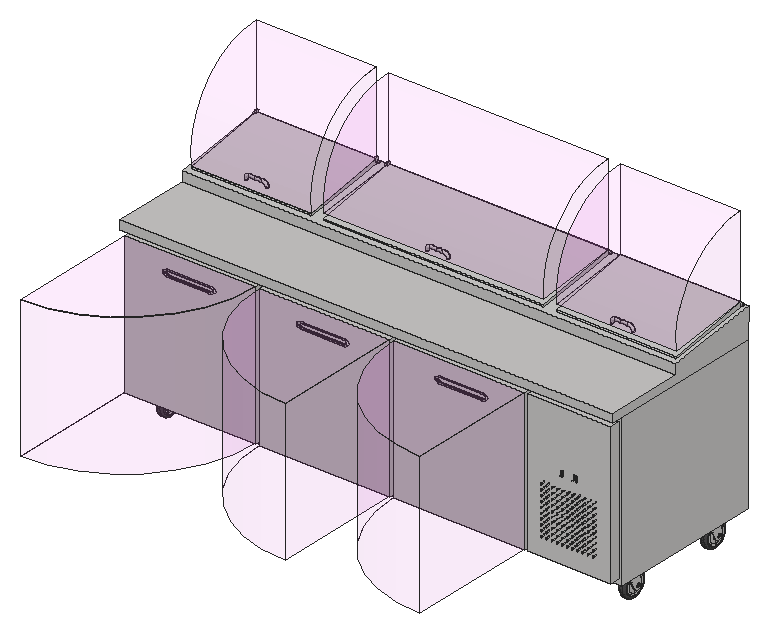
Revit family "QF_Kelvinator_738254_KCHPT92.12", category Specialty Equipment, Revit 2021
Family settings
  Round Connector Dimension = Use Diameter
  Part Type = Normal
  Work Plane-Based = No
  Always vertical = Yes
  Cut with Voids When Loaded = No
  Shared = No
  Room Calculation Point = No
Parameters
  Weight in Pounds = 350.535
  Weight = 210.00 lbm
  Watts = 0 W
  Volts = 115 V
  URL Manufacturer = "KELVINATOR"
  URL Cutsheet = ""
  URL = "KELVINATOR"
  Specification by User = ""
  Specification by Manufacturer = ""
  Serial Number = ""
  Seismic Rating = ""
  SMACNA No = ""
  Revision Code = ""
  Refrigerant Type = "R290"
  Phase = 1
  Number of Poles = 1
  NAFEM Spec ID Number = ""
  Model = "KCHPT92.12"
  Min Ckt Ampacity = 0 A
  Max Overcurrent Protection = 0 A
  Masterspec = ""
  Manufacturer = "Kelvinator"
  Length Actual = 2393"
  Length = 94 3/16"
  Item Number = "738254"
  Installed By = ""
  Identify Quantity as Lot = yes
  Height Actual = 1050"
  Height = 41 5/16"
  HP = "1.2 HP"
  Gas KW = 0
  Furnished By = ""
  Foodservice Equipment Identifier = yes
  FL Amps = 5.5 A
  Electrical Remarks = ""
  Electric Connection Type = ""
  Elec Conn RI Height = 0"
  Elec Conn Connection Height = 0"
  Description = "3-DOOR PIZZA PREP TABLE 94\" LONG 12-1/3 PAN "
  Depth Actual = 820"
  Depth = 32 5/16"
  Default Elevation = 0"
  Cycle = 60 Hz
  Conn Plug = "5-15P"
  Conn Conduit = yes
  CSI MasterFormat = ""
  Apparent Power = 0 VA
  Accessory = no
Reference planes (in)
  plane 1 "BACK": y = 0
  plane 2: z = 0
  plane 3 "LEFT": x = 0
  plane 4 "RIGHT": x = 94.1875
  plane 5 "FRONT": y = -32.3125
  plane 6 "TOP": z = 41.3125
  plane 7 "Center Y": x = 47.09375
  plane 8 "Center X": y = -16.15625
Dimensions and locks (in)
  equal spacing: plane 3 "LEFT", plane 7 "Center Y", plane 4 "RIGHT"
  "Length": plane 3 "LEFT" to plane 4 "RIGHT"
  equal spacing: plane 5 "FRONT", plane 8 "Center X", plane 1 "BACK"
  "Depth": plane 5 "FRONT" to plane 1 "BACK"
  "Height": plane 6 "TOP" to level
  aligned and locked: level to plane 2
Nested families (in)
  nested 1: "KCHPT" at (0, 0, 0), type "KCHPT"
    with Show Clearance yes
Connectors (in)
  electrical at (47.0875, -1.18418, 4.62235), driven by "Volts", driven by "Watts"
    settings: on nested 1, index 1, voltage 115 V, apparent load 0 VA, apparent load phase1 0 VA, apparent load phase2 0 VA, apparent load phase3 0 VA, power factor 1, load classification "Power", number of poles 1, system type 30, power factor state 1, is connector primary yes, connector utility no, sub classification motor no, connector description "Electrical Connection"
Definition of nested family "KCHPT"
  Parameters (values of type "KCHPT")
    Weight in Pounds = 0
    URL Cutsheet = ""
    Specification by User = ""
    Specification by Manufacturer = ""
    Show Clearance [instance] = yes
    Serial Number = ""
    Seismic Rating = ""
    SMACNA No = ""
    Revision Code = ""
    NAFEM Spec ID Number = ""
    Masterspec = ""
    Length = 94 3/16"
    Item Number = ""
    Installed By = ""
    Identify Quantity as Lot = yes
    Height = 41 5/16"
    Furnished By = ""
    Foodservice Equipment Identifier = yes
    Depth = 32 5/16"
    Default Elevation = 0"
    CSI MasterFormat = ""
  Reference planes (in)
    plane 1 "BACK": y = 0
    plane 2: z = 0
    plane 3 "LEFT": x = 0
    plane 4 "RIGHT": x = 94.1875
    plane 5 "FRONT": y = -32.3125
    plane 6 "TOP": z = 41.3125
    plane 7 "Center Y": x = 47.09375
    plane 8 "Center X": y = -16.15625
    plane 9: y = -17.4
    plane 10: z = 34.33333
    plane 11: z = 6.03333
    plane 12: z = 40.23333
    plane 13: z = 35.93333
    plane 14: z = 5.5
    plane 15: z = 33.58333
    plane 16: z = 6.78333
    plane 17: x = 68.09284
    plane 18: x = 70.49466
    plane 19: x = 25.99284
    plane 20: x = 52.60858
  Forms (in)
    Extrusion 1, solid
      sketch origin (0, 0, 0) x (0, 1, 0) y (0, 0, 1)
        loop
          line (0, 34.33333) -> (-30.3125, 34.33333) -> (-30.3125, 5.5) -> (0, 5.5) -> (0, 34.33333)
      from 0 to 94.1875
    Extrusion 2, solid
      sketch origin (0.375, -30.3125, 34.33333) x (0, 0, -1) y (1, 0, 0)
        loop
          line (0.95244, 77.28358) -> (27.85244, 77.28358) -> (27.85244, 93.23553) -> (0.95244, 93.23553) -> (0.95244, 77.28358)
      from 0 to 1.75
    Extrusion 3, solid
      sketch origin (0, 0, 0) x (0, 1, 0) y (0, 0, 1)
        loop
          line (0, 34.33333) -> (0, 40.23333) -> (-17.4, 37.93333) -> (-17.4, 35.93333) -> (-32.3125, 35.93333) -> (-32.3125, 34.33333) -> (0, 34.33333)
      from 0 to 94.1875
    Extrusion 4, solid
      sketch origin (0, 0, 0) x (0, 1, 0) y (0, 0, 1)
        loop
          line (-0.60032, 40.15398) -> (-0.73136, 40.92452) -> (-16.15625, 38.30126) -> (-16.65751, 37.42318) -> (-0.60032, 40.15398)
      from 25.99284 to 68.09284
    Extrusion 5, solid
      sketch origin (68.86933, 0.25217, 0) x (0, 1, 0) y (0, 0, -1)
        loop
          line (-0.97921, -40.89176) -> (-0.71073, -40.15398) -> (-1.09601, -40.08846) -> (-1.22705, -40.859)
          arc (-1.22705, -40.859) -> (-1.21835, -41.08643) -> (-1.19211, -41.3125) r 2.94324
          line (-1.19211, -41.3125) -> (-1.13256, -41.20935) -> (-0.8358, -41.24579) -> (-0.73405, -41.14405) -> (-0.8734, -41.06121) -> (-0.90687, -41.05224)
          arc (-0.90687, -41.05224) -> (-0.93228, -41.03757) -> (-0.94695, -41.01216) r 0.05668
          line (-0.94695, -41.01216) -> (-0.97921, -40.89176)
      from 0.63594 to 0.91702
    Revolve 6, solid
      sketch origin (22.03906, -0.77601, 40.03126) x (0, 0, -1) y (1, 0, 0)
        loop
          line (-0.55563, 46.1944) -> (-0.55563, 46.56896) -> (-0.70726, 46.56896) -> (-0.70726, 46.53329) -> (-0.7578, 46.53329) -> (-0.7578, 46.1944) -> (-0.55563, 46.1944)
        axis (-0.55563, 46.1944) -> (-0.55563, 46.56896)
      angle from 0 to 360
    Sweep 7, solid
      path origin (11.60551, -16.94992, 54.53737) x (0, 0.113722, -0.993513) y (1, 0, 0)
        loop
          line (15.52754, 33.4) -> (15.34004, 33.4)
          arc (15.34004, 33.4) -> (14.80971, 33.61967) -> (14.59004, 34.15) r 0.75
          line (14.59004, 34.15) -> (14.59004, 35.4) -> (14.59004, 36.65)
          arc (14.59004, 36.65) -> (14.80971, 37.18033) -> (15.34004, 37.4) r 0.75
          line (15.34004, 37.4) -> (15.52754, 37.4)
      profile origin (47.63051, -15.29071, 40.04198) x (0, -0.113722, 0.993513) y (0, -0.993513, -0.113722)
        loop
          circle (0, 0) r 0.25
    Extrusion 8, solid
      sketch origin (13.68617, -32, 12.93481) x (-1, 0, 0) y (0, 0, 1)
        loop
          line (-70.17533, 9.70772) -> (-73.32493, 9.70772) -> (-73.32493, 8.52662) -> (-70.17533, 8.52662) -> (-70.17533, 9.70772)
        loop
          line (-70.25407, 9.63107) -> (-70.64777, 9.63107) -> (-70.64777, 9.31193) -> (-70.25407, 9.31193) -> (-70.25407, 9.63107)
        loop
          line (-70.25407, 9.27674) -> (-70.64777, 9.27674) -> (-70.64777, 8.9576) -> (-70.25407, 8.9576) -> (-70.25407, 9.27674)
        loop
          line (-70.25407, 8.92241) -> (-70.64777, 8.92241) -> (-70.64777, 8.60327) -> (-70.25407, 8.60327) -> (-70.25407, 8.92241)
        loop
          line (-73.24619, 9.63107) -> (-73.24619, 9.31193) -> (-72.85249, 9.31193) -> (-72.85249, 9.63107) -> (-73.24619, 9.63107)
        loop
          line (-73.24619, 9.27674) -> (-73.24619, 8.9576) -> (-72.85249, 8.9576) -> (-72.85249, 9.27674) -> (-73.24619, 9.27674)
        loop
          line (-73.24619, 8.92241) -> (-73.24619, 8.60327) -> (-72.85249, 8.60327) -> (-72.85249, 8.92241) -> (-73.24619, 8.92241)
        loop
          line (-70.72525, 9.63107) -> (-72.77501, 9.63107) -> (-72.77501, 8.60716) -> (-70.72525, 8.60716) -> (-70.72525, 9.63107)
      from 0.07874 to -0.04602
    Extrusion 9, solid
      sketch origin (13.68617, -32.04602, 12.93481) x (1, 0, 0) y (0, 0, 1)
        loop
          line (72.85249, 9.63107) -> (72.85249, 9.31193) -> (73.24619, 9.31193) -> (73.24619, 9.63107) -> (72.85249, 9.63107)
        loop
          line (72.85249, 9.27674) -> (72.85249, 8.9576) -> (73.24619, 8.9576) -> (73.24619, 9.27674) -> (72.85249, 9.27674)
        loop
          line (72.85249, 8.92241) -> (72.85249, 8.60327) -> (73.24619, 8.60327) -> (73.24619, 8.92241) -> (72.85249, 8.92241)
        loop
          line (70.64777, 9.63107) -> (70.25407, 9.63107) -> (70.25407, 9.31193) -> (70.64777, 9.31193) -> (70.64777, 9.63107)
        loop
          line (70.64777, 9.27674) -> (70.25407, 9.27674) -> (70.25407, 8.9576) -> (70.64777, 8.9576) -> (70.64777, 9.27674)
        loop
          line (70.64777, 8.92241) -> (70.25407, 8.92241) -> (70.25407, 8.60327) -> (70.64777, 8.60327) -> (70.64777, 8.92241)
      from 0 to -0.07874
    Extrusion 10, solid
      sketch origin (13.68617, -32.04602, 12.93481) x (1, 0, 0) y (0, 0, 1)
        loop
          line (70.72525, 9.63107) -> (70.72525, 8.60716) -> (72.77501, 8.60716) -> (72.77501, 9.63107) -> (70.72525, 9.63107)
      from 0 to -0.07874
    Extrusion 11, void
      sketch origin (13.68617, -32, 12.93481) x (-1, 0, 0) y (0, 0, 1)
        loop
          line (-70.17533, 9.70772) -> (-73.32493, 9.70772) -> (-73.32493, 8.52662) -> (-70.17533, 8.52662) -> (-70.17533, 9.70772)
      from 0 to 0.07874
    Extrusion 12, void
      sketch origin (0.375, -32.0625, 34.33333) x (0, 0, 1) y (1, 0, 0)
        loop
          line (-24.3519, 79.86074) -> (-23.82157, 80.39107)
          arc (-23.82157, 80.39107) -> (-23.82157, 80.59909) -> (-24.02959, 80.59909) r 0.1471
          line (-24.02959, 80.59909) -> (-24.55992, 80.06876)
          arc (-24.55992, 80.06876) -> (-24.55992, 79.86074) -> (-24.3519, 79.86074) r 0.1471
        loop
          line (-24.3519, 80.86074) -> (-23.82157, 81.39107)
          arc (-23.82157, 81.39107) -> (-23.82157, 81.59909) -> (-24.02959, 81.59909) r 0.1471
          line (-24.02959, 81.59909) -> (-24.55992, 81.06876)
          arc (-24.55992, 81.06876) -> (-24.55992, 80.86074) -> (-24.3519, 80.86074) r 0.1471
        loop
          line (-24.3519, 81.86074) -> (-23.82157, 82.39107)
          arc (-23.82157, 82.39107) -> (-23.82157, 82.59909) -> (-24.02959, 82.59909) r 0.1471
          line (-24.02959, 82.59909) -> (-24.55992, 82.06876)
          arc (-24.55992, 82.06876) -> (-24.55992, 81.86074) -> (-24.3519, 81.86074) r 0.1471
        loop
          line (-24.3519, 82.82949) -> (-23.82157, 83.35982)
          arc (-23.82157, 83.35982) -> (-23.82157, 83.56784) -> (-24.02959, 83.56784) r 0.1471
          line (-24.02959, 83.56784) -> (-24.55992, 83.03751)
          arc (-24.55992, 83.03751) -> (-24.55992, 82.82949) -> (-24.3519, 82.82949) r 0.1471
        loop
          line (-24.3519, 83.79824) -> (-23.82157, 84.32857)
          arc (-23.82157, 84.32857) -> (-23.82157, 84.53659) -> (-24.02959, 84.53659) r 0.1471
          line (-24.02959, 84.53659) -> (-24.55992, 84.00626)
          arc (-24.55992, 84.00626) -> (-24.55992, 83.79824) -> (-24.3519, 83.79824) r 0.1471
        loop
          line (-24.3519, 84.79824) -> (-23.82157, 85.32857)
          arc (-23.82157, 85.32857) -> (-23.82157, 85.53659) -> (-24.02959, 85.53659) r 0.1471
          line (-24.02959, 85.53659) -> (-24.55992, 85.00626)
          arc (-24.55992, 85.00626) -> (-24.55992, 84.79824) -> (-24.3519, 84.79824) r 0.1471
        loop
          line (-24.3519, 85.79824) -> (-23.82157, 86.32857)
          arc (-23.82157, 86.32857) -> (-23.82157, 86.53659) -> (-24.02959, 86.53659) r 0.1471
          line (-24.02959, 86.53659) -> (-24.55992, 86.00626)
          arc (-24.55992, 86.00626) -> (-24.55992, 85.79824) -> (-24.3519, 85.79824) r 0.1471
        loop
          line (-24.3519, 86.76699) -> (-23.82157, 87.29732)
          arc (-23.82157, 87.29732) -> (-23.82157, 87.50534) -> (-24.02959, 87.50534) r 0.1471
          line (-24.02959, 87.50534) -> (-24.55992, 86.97501)
          arc (-24.55992, 86.97501) -> (-24.55992, 86.76699) -> (-24.3519, 86.76699) r 0.1471
        loop
          line (-24.3519, 87.76699) -> (-23.82157, 88.29732)
          arc (-23.82157, 88.29732) -> (-23.82157, 88.50534) -> (-24.02959, 88.50534) r 0.1471
          line (-24.02959, 88.50534) -> (-24.55992, 87.97501)
          arc (-24.55992, 87.97501) -> (-24.55992, 87.76699) -> (-24.3519, 87.76699) r 0.1471
        loop
          line (-24.3519, 88.76699) -> (-23.82157, 89.29732)
          arc (-23.82157, 89.29732) -> (-23.82157, 89.50534) -> (-24.02959, 89.50534) r 0.1471
          line (-24.02959, 89.50534) -> (-24.55992, 88.97501)
          arc (-24.55992, 88.97501) -> (-24.55992, 88.76699) -> (-24.3519, 88.76699) r 0.1471
        loop
          line (-24.3519, 89.76699) -> (-23.82157, 90.29732)
          arc (-23.82157, 90.29732) -> (-23.82157, 90.50534) -> (-24.02959, 90.50534) r 0.1471
          line (-24.02959, 90.50534) -> (-24.55992, 89.97501)
          arc (-24.55992, 89.97501) -> (-24.55992, 89.76699) -> (-24.3519, 89.76699) r 0.1471
        loop
          line (-23.3519, 79.86074) -> (-22.82157, 80.39107)
          arc (-22.82157, 80.39107) -> (-22.82157, 80.59909) -> (-23.02959, 80.59909) r 0.1471
          line (-23.02959, 80.59909) -> (-23.55992, 80.06876)
          arc (-23.55992, 80.06876) -> (-23.55992, 79.86074) -> (-23.3519, 79.86074) r 0.1471
        loop
          line (-23.3519, 80.86074) -> (-22.82157, 81.39107)
          arc (-22.82157, 81.39107) -> (-22.82157, 81.59909) -> (-23.02959, 81.59909) r 0.1471
          line (-23.02959, 81.59909) -> (-23.55992, 81.06876)
          arc (-23.55992, 81.06876) -> (-23.55992, 80.86074) -> (-23.3519, 80.86074) r 0.1471
        loop
          line (-23.3519, 81.86074) -> (-22.82157, 82.39107)
          arc (-22.82157, 82.39107) -> (-22.82157, 82.59909) -> (-23.02959, 82.59909) r 0.1471
          line (-23.02959, 82.59909) -> (-23.55992, 82.06876)
          arc (-23.55992, 82.06876) -> (-23.55992, 81.86074) -> (-23.3519, 81.86074) r 0.1471
        loop
          line (-23.3519, 82.82949) -> (-22.82157, 83.35982)
          arc (-22.82157, 83.35982) -> (-22.82157, 83.56784) -> (-23.02959, 83.56784) r 0.1471
          line (-23.02959, 83.56784) -> (-23.55992, 83.03751)
          arc (-23.55992, 83.03751) -> (-23.55992, 82.82949) -> (-23.3519, 82.82949) r 0.1471
        loop
          line (-23.3519, 83.79824) -> (-22.82157, 84.32857)
          arc (-22.82157, 84.32857) -> (-22.82157, 84.53659) -> (-23.02959, 84.53659) r 0.1471
          line (-23.02959, 84.53659) -> (-23.55992, 84.00626)
          arc (-23.55992, 84.00626) -> (-23.55992, 83.79824) -> (-23.3519, 83.79824) r 0.1471
        loop
          line (-23.3519, 84.79824) -> (-22.82157, 85.32857)
          arc (-22.82157, 85.32857) -> (-22.82157, 85.53659) -> (-23.02959, 85.53659) r 0.1471
          line (-23.02959, 85.53659) -> (-23.55992, 85.00626)
          arc (-23.55992, 85.00626) -> (-23.55992, 84.79824) -> (-23.3519, 84.79824) r 0.1471
        loop
          line (-23.3519, 85.79824) -> (-22.82157, 86.32857)
          arc (-22.82157, 86.32857) -> (-22.82157, 86.53659) -> (-23.02959, 86.53659) r 0.1471
          line (-23.02959, 86.53659) -> (-23.55992, 86.00626)
          arc (-23.55992, 86.00626) -> (-23.55992, 85.79824) -> (-23.3519, 85.79824) r 0.1471
        loop
          line (-23.3519, 86.76699) -> (-22.82157, 87.29732)
          arc (-22.82157, 87.29732) -> (-22.82157, 87.50534) -> (-23.02959, 87.50534) r 0.1471
          line (-23.02959, 87.50534) -> (-23.55992, 86.97501)
          arc (-23.55992, 86.97501) -> (-23.55992, 86.76699) -> (-23.3519, 86.76699) r 0.1471
        loop
          line (-23.3519, 87.76699) -> (-22.82157, 88.29732)
          arc (-22.82157, 88.29732) -> (-22.82157, 88.50534) -> (-23.02959, 88.50534) r 0.1471
          line (-23.02959, 88.50534) -> (-23.55992, 87.97501)
          arc (-23.55992, 87.97501) -> (-23.55992, 87.76699) -> (-23.3519, 87.76699) r 0.1471
        loop
          line (-23.3519, 88.76699) -> (-22.82157, 89.29732)
          arc (-22.82157, 89.29732) -> (-22.82157, 89.50534) -> (-23.02959, 89.50534) r 0.1471
          line (-23.02959, 89.50534) -> (-23.55992, 88.97501)
          arc (-23.55992, 88.97501) -> (-23.55992, 88.76699) -> (-23.3519, 88.76699) r 0.1471
        loop
          line (-23.3519, 89.76699) -> (-22.82157, 90.29732)
          arc (-22.82157, 90.29732) -> (-22.82157, 90.50534) -> (-23.02959, 90.50534) r 0.1471
          line (-23.02959, 90.50534) -> (-23.55992, 89.97501)
          arc (-23.55992, 89.97501) -> (-23.55992, 89.76699) -> (-23.3519, 89.76699) r 0.1471
        loop
          line (-22.3519, 79.86074) -> (-21.82157, 80.39107)
          arc (-21.82157, 80.39107) -> (-21.82157, 80.59909) -> (-22.02959, 80.59909) r 0.1471
          line (-22.02959, 80.59909) -> (-22.55992, 80.06876)
          arc (-22.55992, 80.06876) -> (-22.55992, 79.86074) -> (-22.3519, 79.86074) r 0.1471
        loop
          line (-22.3519, 80.86074) -> (-21.82157, 81.39107)
          arc (-21.82157, 81.39107) -> (-21.82157, 81.59909) -> (-22.02959, 81.59909) r 0.1471
          line (-22.02959, 81.59909) -> (-22.55992, 81.06876)
          arc (-22.55992, 81.06876) -> (-22.55992, 80.86074) -> (-22.3519, 80.86074) r 0.1471
        loop
          line (-22.3519, 81.86074) -> (-21.82157, 82.39107)
          arc (-21.82157, 82.39107) -> (-21.82157, 82.59909) -> (-22.02959, 82.59909) r 0.1471
          line (-22.02959, 82.59909) -> (-22.55992, 82.06876)
          arc (-22.55992, 82.06876) -> (-22.55992, 81.86074) -> (-22.3519, 81.86074) r 0.1471
        loop
          line (-22.3519, 82.82949) -> (-21.82157, 83.35982)
          arc (-21.82157, 83.35982) -> (-21.82157, 83.56784) -> (-22.02959, 83.56784) r 0.1471
          line (-22.02959, 83.56784) -> (-22.55992, 83.03751)
          arc (-22.55992, 83.03751) -> (-22.55992, 82.82949) -> (-22.3519, 82.82949) r 0.1471
        loop
          line (-22.3519, 83.79824) -> (-21.82157, 84.32857)
          arc (-21.82157, 84.32857) -> (-21.82157, 84.53659) -> (-22.02959, 84.53659) r 0.1471
          line (-22.02959, 84.53659) -> (-22.55992, 84.00626)
          arc (-22.55992, 84.00626) -> (-22.55992, 83.79824) -> (-22.3519, 83.79824) r 0.1471
        loop
          line (-22.3519, 84.79824) -> (-21.82157, 85.32857)
          arc (-21.82157, 85.32857) -> (-21.82157, 85.53659) -> (-22.02959, 85.53659) r 0.1471
          line (-22.02959, 85.53659) -> (-22.55992, 85.00626)
          arc (-22.55992, 85.00626) -> (-22.55992, 84.79824) -> (-22.3519, 84.79824) r 0.1471
        loop
          line (-22.3519, 85.79824) -> (-21.82157, 86.32857)
          arc (-21.82157, 86.32857) -> (-21.82157, 86.53659) -> (-22.02959, 86.53659) r 0.1471
          line (-22.02959, 86.53659) -> (-22.55992, 86.00626)
          arc (-22.55992, 86.00626) -> (-22.55992, 85.79824) -> (-22.3519, 85.79824) r 0.1471
        loop
          line (-22.3519, 86.76699) -> (-21.82157, 87.29732)
          arc (-21.82157, 87.29732) -> (-21.82157, 87.50534) -> (-22.02959, 87.50534) r 0.1471
          line (-22.02959, 87.50534) -> (-22.55992, 86.97501)
          arc (-22.55992, 86.97501) -> (-22.55992, 86.76699) -> (-22.3519, 86.76699) r 0.1471
        loop
          line (-22.3519, 87.76699) -> (-21.82157, 88.29732)
          arc (-21.82157, 88.29732) -> (-21.82157, 88.50534) -> (-22.02959, 88.50534) r 0.1471
          line (-22.02959, 88.50534) -> (-22.55992, 87.97501)
          arc (-22.55992, 87.97501) -> (-22.55992, 87.76699) -> (-22.3519, 87.76699) r 0.1471
        loop
          line (-22.3519, 88.76699) -> (-21.82157, 89.29732)
          arc (-21.82157, 89.29732) -> (-21.82157, 89.50534) -> (-22.02959, 89.50534) r 0.1471
          line (-22.02959, 89.50534) -> (-22.55992, 88.97501)
          arc (-22.55992, 88.97501) -> (-22.55992, 88.76699) -> (-22.3519, 88.76699) r 0.1471
        loop
          line (-22.3519, 89.76699) -> (-21.82157, 90.29732)
          arc (-21.82157, 90.29732) -> (-21.82157, 90.50534) -> (-22.02959, 90.50534) r 0.1471
          line (-22.02959, 90.50534) -> (-22.55992, 89.97501)
          arc (-22.55992, 89.97501) -> (-22.55992, 89.76699) -> (-22.3519, 89.76699) r 0.1471
        loop
          line (-21.3519, 79.86074) -> (-20.82157, 80.39107)
          arc (-20.82157, 80.39107) -> (-20.82157, 80.59909) -> (-21.02959, 80.59909) r 0.1471
          line (-21.02959, 80.59909) -> (-21.55992, 80.06876)
          arc (-21.55992, 80.06876) -> (-21.55992, 79.86074) -> (-21.3519, 79.86074) r 0.1471
        loop
          line (-21.3519, 80.86074) -> (-20.82157, 81.39107)
          arc (-20.82157, 81.39107) -> (-20.82157, 81.59909) -> (-21.02959, 81.59909) r 0.1471
          line (-21.02959, 81.59909) -> (-21.55992, 81.06876)
          arc (-21.55992, 81.06876) -> (-21.55992, 80.86074) -> (-21.3519, 80.86074) r 0.1471
        loop
          line (-21.3519, 81.86074) -> (-20.82157, 82.39107)
          arc (-20.82157, 82.39107) -> (-20.82157, 82.59909) -> (-21.02959, 82.59909) r 0.1471
          line (-21.02959, 82.59909) -> (-21.55992, 82.06876)
          arc (-21.55992, 82.06876) -> (-21.55992, 81.86074) -> (-21.3519, 81.86074) r 0.1471
        loop
          line (-21.3519, 82.82949) -> (-20.82157, 83.35982)
          arc (-20.82157, 83.35982) -> (-20.82157, 83.56784) -> (-21.02959, 83.56784) r 0.1471
          line (-21.02959, 83.56784) -> (-21.55992, 83.03751)
          arc (-21.55992, 83.03751) -> (-21.55992, 82.82949) -> (-21.3519, 82.82949) r 0.1471
        loop
          line (-21.3519, 83.79824) -> (-20.82157, 84.32857)
          arc (-20.82157, 84.32857) -> (-20.82157, 84.53659) -> (-21.02959, 84.53659) r 0.1471
          line (-21.02959, 84.53659) -> (-21.55992, 84.00626)
          arc (-21.55992, 84.00626) -> (-21.55992, 83.79824) -> (-21.3519, 83.79824) r 0.1471
        loop
          line (-21.3519, 84.79824) -> (-20.82157, 85.32857)
          arc (-20.82157, 85.32857) -> (-20.82157, 85.53659) -> (-21.02959, 85.53659) r 0.1471
          line (-21.02959, 85.53659) -> (-21.55992, 85.00626)
          arc (-21.55992, 85.00626) -> (-21.55992, 84.79824) -> (-21.3519, 84.79824) r 0.1471
        loop
          line (-21.3519, 85.79824) -> (-20.82157, 86.32857)
          arc (-20.82157, 86.32857) -> (-20.82157, 86.53659) -> (-21.02959, 86.53659) r 0.1471
          line (-21.02959, 86.53659) -> (-21.55992, 86.00626)
          arc (-21.55992, 86.00626) -> (-21.55992, 85.79824) -> (-21.3519, 85.79824) r 0.1471
        loop
          line (-21.3519, 86.76699) -> (-20.82157, 87.29732)
          arc (-20.82157, 87.29732) -> (-20.82157, 87.50534) -> (-21.02959, 87.50534) r 0.1471
          line (-21.02959, 87.50534) -> (-21.55992, 86.97501)
          arc (-21.55992, 86.97501) -> (-21.55992, 86.76699) -> (-21.3519, 86.76699) r 0.1471
        loop
          line (-21.3519, 87.76699) -> (-20.82157, 88.29732)
          arc (-20.82157, 88.29732) -> (-20.82157, 88.50534) -> (-21.02959, 88.50534) r 0.1471
          line (-21.02959, 88.50534) -> (-21.55992, 87.97501)
          arc (-21.55992, 87.97501) -> (-21.55992, 87.76699) -> (-21.3519, 87.76699) r 0.1471
        loop
          line (-21.3519, 88.76699) -> (-20.82157, 89.29732)
          arc (-20.82157, 89.29732) -> (-20.82157, 89.50534) -> (-21.02959, 89.50534) r 0.1471
          line (-21.02959, 89.50534) -> (-21.55992, 88.97501)
          arc (-21.55992, 88.97501) -> (-21.55992, 88.76699) -> (-21.3519, 88.76699) r 0.1471
        loop
          line (-21.3519, 89.76699) -> (-20.82157, 90.29732)
          arc (-20.82157, 90.29732) -> (-20.82157, 90.50534) -> (-21.02959, 90.50534) r 0.1471
          line (-21.02959, 90.50534) -> (-21.55992, 89.97501)
          arc (-21.55992, 89.97501) -> (-21.55992, 89.76699) -> (-21.3519, 89.76699) r 0.1471
        loop
          line (-20.3519, 79.86074) -> (-19.82157, 80.39107)
          arc (-19.82157, 80.39107) -> (-19.82157, 80.59909) -> (-20.02959, 80.59909) r 0.1471
          line (-20.02959, 80.59909) -> (-20.55992, 80.06876)
          arc (-20.55992, 80.06876) -> (-20.55992, 79.86074) -> (-20.3519, 79.86074) r 0.1471
        loop
          line (-20.3519, 80.86074) -> (-19.82157, 81.39107)
          arc (-19.82157, 81.39107) -> (-19.82157, 81.59909) -> (-20.02959, 81.59909) r 0.1471
          line (-20.02959, 81.59909) -> (-20.55992, 81.06876)
          arc (-20.55992, 81.06876) -> (-20.55992, 80.86074) -> (-20.3519, 80.86074) r 0.1471
        loop
          line (-20.3519, 81.86074) -> (-19.82157, 82.39107)
          arc (-19.82157, 82.39107) -> (-19.82157, 82.59909) -> (-20.02959, 82.59909) r 0.1471
          line (-20.02959, 82.59909) -> (-20.55992, 82.06876)
          arc (-20.55992, 82.06876) -> (-20.55992, 81.86074) -> (-20.3519, 81.86074) r 0.1471
        loop
          line (-20.3519, 82.82949) -> (-19.82157, 83.35982)
          arc (-19.82157, 83.35982) -> (-19.82157, 83.56784) -> (-20.02959, 83.56784) r 0.1471
          line (-20.02959, 83.56784) -> (-20.55992, 83.03751)
          arc (-20.55992, 83.03751) -> (-20.55992, 82.82949) -> (-20.3519, 82.82949) r 0.1471
        loop
          line (-20.3519, 83.79824) -> (-19.82157, 84.32857)
          arc (-19.82157, 84.32857) -> (-19.82157, 84.53659) -> (-20.02959, 84.53659) r 0.1471
          line (-20.02959, 84.53659) -> (-20.55992, 84.00626)
          arc (-20.55992, 84.00626) -> (-20.55992, 83.79824) -> (-20.3519, 83.79824) r 0.1471
        loop
          line (-20.3519, 84.79824) -> (-19.82157, 85.32857)
          arc (-19.82157, 85.32857) -> (-19.82157, 85.53659) -> (-20.02959, 85.53659) r 0.1471
          line (-20.02959, 85.53659) -> (-20.55992, 85.00626)
          arc (-20.55992, 85.00626) -> (-20.55992, 84.79824) -> (-20.3519, 84.79824) r 0.1471
        loop
          line (-20.3519, 85.79824) -> (-19.82157, 86.32857)
          arc (-19.82157, 86.32857) -> (-19.82157, 86.53659) -> (-20.02959, 86.53659) r 0.1471
          line (-20.02959, 86.53659) -> (-20.55992, 86.00626)
          arc (-20.55992, 86.00626) -> (-20.55992, 85.79824) -> (-20.3519, 85.79824) r 0.1471
        loop
          line (-20.3519, 86.76699) -> (-19.82157, 87.29732)
          arc (-19.82157, 87.29732) -> (-19.82157, 87.50534) -> (-20.02959, 87.50534) r 0.1471
          line (-20.02959, 87.50534) -> (-20.55992, 86.97501)
          arc (-20.55992, 86.97501) -> (-20.55992, 86.76699) -> (-20.3519, 86.76699) r 0.1471
        loop
          line (-20.3519, 87.76699) -> (-19.82157, 88.29732)
          arc (-19.82157, 88.29732) -> (-19.82157, 88.50534) -> (-20.02959, 88.50534) r 0.1471
          line (-20.02959, 88.50534) -> (-20.55992, 87.97501)
          arc (-20.55992, 87.97501) -> (-20.55992, 87.76699) -> (-20.3519, 87.76699) r 0.1471
        loop
          line (-20.3519, 88.76699) -> (-19.82157, 89.29732)
          arc (-19.82157, 89.29732) -> (-19.82157, 89.50534) -> (-20.02959, 89.50534) r 0.1471
          line (-20.02959, 89.50534) -> (-20.55992, 88.97501)
          arc (-20.55992, 88.97501) -> (-20.55992, 88.76699) -> (-20.3519, 88.76699) r 0.1471
        loop
          line (-20.3519, 89.76699) -> (-19.82157, 90.29732)
          arc (-19.82157, 90.29732) -> (-19.82157, 90.50534) -> (-20.02959, 90.50534) r 0.1471
          line (-20.02959, 90.50534) -> (-20.55992, 89.97501)
          arc (-20.55992, 89.97501) -> (-20.55992, 89.76699) -> (-20.3519, 89.76699) r 0.1471
        loop
          line (-19.3519, 79.86074) -> (-18.82157, 80.39107)
          arc (-18.82157, 80.39107) -> (-18.82157, 80.59909) -> (-19.02959, 80.59909) r 0.1471
          line (-19.02959, 80.59909) -> (-19.55992, 80.06876)
          arc (-19.55992, 80.06876) -> (-19.55992, 79.86074) -> (-19.3519, 79.86074) r 0.1471
        loop
          line (-19.3519, 80.86074) -> (-18.82157, 81.39107)
          arc (-18.82157, 81.39107) -> (-18.82157, 81.59909) -> (-19.02959, 81.59909) r 0.1471
          line (-19.02959, 81.59909) -> (-19.55992, 81.06876)
          arc (-19.55992, 81.06876) -> (-19.55992, 80.86074) -> (-19.3519, 80.86074) r 0.1471
        loop
          line (-19.3519, 81.86074) -> (-18.82157, 82.39107)
          arc (-18.82157, 82.39107) -> (-18.82157, 82.59909) -> (-19.02959, 82.59909) r 0.1471
          line (-19.02959, 82.59909) -> (-19.55992, 82.06876)
          arc (-19.55992, 82.06876) -> (-19.55992, 81.86074) -> (-19.3519, 81.86074) r 0.1471
        loop
          line (-19.3519, 82.82949) -> (-18.82157, 83.35982)
          arc (-18.82157, 83.35982) -> (-18.82157, 83.56784) -> (-19.02959, 83.56784) r 0.1471
          line (-19.02959, 83.56784) -> (-19.55992, 83.03751)
          arc (-19.55992, 83.03751) -> (-19.55992, 82.82949) -> (-19.3519, 82.82949) r 0.1471
        loop
          line (-19.3519, 83.79824) -> (-18.82157, 84.32857)
          arc (-18.82157, 84.32857) -> (-18.82157, 84.53659) -> (-19.02959, 84.53659) r 0.1471
          line (-19.02959, 84.53659) -> (-19.55992, 84.00626)
          arc (-19.55992, 84.00626) -> (-19.55992, 83.79824) -> (-19.3519, 83.79824) r 0.1471
        loop
          line (-19.3519, 84.79824) -> (-18.82157, 85.32857)
          arc (-18.82157, 85.32857) -> (-18.82157, 85.53659) -> (-19.02959, 85.53659) r 0.1471
          line (-19.02959, 85.53659) -> (-19.55992, 85.00626)
          arc (-19.55992, 85.00626) -> (-19.55992, 84.79824) -> (-19.3519, 84.79824) r 0.1471
        loop
          line (-19.3519, 85.79824) -> (-18.82157, 86.32857)
          arc (-18.82157, 86.32857) -> (-18.82157, 86.53659) -> (-19.02959, 86.53659) r 0.1471
          line (-19.02959, 86.53659) -> (-19.55992, 86.00626)
          arc (-19.55992, 86.00626) -> (-19.55992, 85.79824) -> (-19.3519, 85.79824) r 0.1471
        loop
          line (-19.3519, 86.76699) -> (-18.82157, 87.29732)
          arc (-18.82157, 87.29732) -> (-18.82157, 87.50534) -> (-19.02959, 87.50534) r 0.1471
          line (-19.02959, 87.50534) -> (-19.55992, 86.97501)
          arc (-19.55992, 86.97501) -> (-19.55992, 86.76699) -> (-19.3519, 86.76699) r 0.1471
        loop
          line (-19.3519, 87.76699) -> (-18.82157, 88.29732)
          arc (-18.82157, 88.29732) -> (-18.82157, 88.50534) -> (-19.02959, 88.50534) r 0.1471
          line (-19.02959, 88.50534) -> (-19.55992, 87.97501)
          arc (-19.55992, 87.97501) -> (-19.55992, 87.76699) -> (-19.3519, 87.76699) r 0.1471
        loop
          line (-19.3519, 88.76699) -> (-18.82157, 89.29732)
          arc (-18.82157, 89.29732) -> (-18.82157, 89.50534) -> (-19.02959, 89.50534) r 0.1471
          line (-19.02959, 89.50534) -> (-19.55992, 88.97501)
          arc (-19.55992, 88.97501) -> (-19.55992, 88.76699) -> (-19.3519, 88.76699) r 0.1471
        loop
          line (-19.3519, 89.76699) -> (-18.82157, 90.29732)
          arc (-18.82157, 90.29732) -> (-18.82157, 90.50534) -> (-19.02959, 90.50534) r 0.1471
          line (-19.02959, 90.50534) -> (-19.55992, 89.97501)
          arc (-19.55992, 89.97501) -> (-19.55992, 89.76699) -> (-19.3519, 89.76699) r 0.1471
        loop
          line (-18.3519, 79.86074) -> (-17.82157, 80.39107)
          arc (-17.82157, 80.39107) -> (-17.82157, 80.59909) -> (-18.02959, 80.59909) r 0.1471
          line (-18.02959, 80.59909) -> (-18.55992, 80.06876)
          arc (-18.55992, 80.06876) -> (-18.55992, 79.86074) -> (-18.3519, 79.86074) r 0.1471
        loop
          line (-18.3519, 80.86074) -> (-17.82157, 81.39107)
          arc (-17.82157, 81.39107) -> (-17.82157, 81.59909) -> (-18.02959, 81.59909) r 0.1471
          line (-18.02959, 81.59909) -> (-18.55992, 81.06876)
          arc (-18.55992, 81.06876) -> (-18.55992, 80.86074) -> (-18.3519, 80.86074) r 0.1471
        loop
          line (-18.3519, 81.86074) -> (-17.82157, 82.39107)
          arc (-17.82157, 82.39107) -> (-17.82157, 82.59909) -> (-18.02959, 82.59909) r 0.1471
          line (-18.02959, 82.59909) -> (-18.55992, 82.06876)
          arc (-18.55992, 82.06876) -> (-18.55992, 81.86074) -> (-18.3519, 81.86074) r 0.1471
        loop
          line (-18.3519, 82.82949) -> (-17.82157, 83.35982)
          arc (-17.82157, 83.35982) -> (-17.82157, 83.56784) -> (-18.02959, 83.56784) r 0.1471
          line (-18.02959, 83.56784) -> (-18.55992, 83.03751)
          arc (-18.55992, 83.03751) -> (-18.55992, 82.82949) -> (-18.3519, 82.82949) r 0.1471
        loop
          line (-18.3519, 83.79824) -> (-17.82157, 84.32857)
          arc (-17.82157, 84.32857) -> (-17.82157, 84.53659) -> (-18.02959, 84.53659) r 0.1471
          line (-18.02959, 84.53659) -> (-18.55992, 84.00626)
          arc (-18.55992, 84.00626) -> (-18.55992, 83.79824) -> (-18.3519, 83.79824) r 0.1471
        loop
          line (-18.3519, 84.79824) -> (-17.82157, 85.32857)
          arc (-17.82157, 85.32857) -> (-17.82157, 85.53659) -> (-18.02959, 85.53659) r 0.1471
          line (-18.02959, 85.53659) -> (-18.55992, 85.00626)
          arc (-18.55992, 85.00626) -> (-18.55992, 84.79824) -> (-18.3519, 84.79824) r 0.1471
        loop
          line (-18.3519, 85.79824) -> (-17.82157, 86.32857)
          arc (-17.82157, 86.32857) -> (-17.82157, 86.53659) -> (-18.02959, 86.53659) r 0.1471
          line (-18.02959, 86.53659) -> (-18.55992, 86.00626)
          arc (-18.55992, 86.00626) -> (-18.55992, 85.79824) -> (-18.3519, 85.79824) r 0.1471
        loop
          line (-18.3519, 86.76699) -> (-17.82157, 87.29732)
          arc (-17.82157, 87.29732) -> (-17.82157, 87.50534) -> (-18.02959, 87.50534) r 0.1471
          line (-18.02959, 87.50534) -> (-18.55992, 86.97501)
          arc (-18.55992, 86.97501) -> (-18.55992, 86.76699) -> (-18.3519, 86.76699) r 0.1471
        loop
          line (-18.3519, 87.76699) -> (-17.82157, 88.29732)
          arc (-17.82157, 88.29732) -> (-17.82157, 88.50534) -> (-18.02959, 88.50534) r 0.1471
          line (-18.02959, 88.50534) -> (-18.55992, 87.97501)
          arc (-18.55992, 87.97501) -> (-18.55992, 87.76699) -> (-18.3519, 87.76699) r 0.1471
        loop
          line (-18.3519, 88.76699) -> (-17.82157, 89.29732)
          arc (-17.82157, 89.29732) -> (-17.82157, 89.50534) -> (-18.02959, 89.50534) r 0.1471
          line (-18.02959, 89.50534) -> (-18.55992, 88.97501)
          arc (-18.55992, 88.97501) -> (-18.55992, 88.76699) -> (-18.3519, 88.76699) r 0.1471
        loop
          line (-18.3519, 89.76699) -> (-17.82157, 90.29732)
          arc (-17.82157, 90.29732) -> (-17.82157, 90.50534) -> (-18.02959, 90.50534) r 0.1471
          line (-18.02959, 90.50534) -> (-18.55992, 89.97501)
          arc (-18.55992, 89.97501) -> (-18.55992, 89.76699) -> (-18.3519, 89.76699) r 0.1471
        loop
          line (-17.3519, 79.86074) -> (-16.82157, 80.39107)
          arc (-16.82157, 80.39107) -> (-16.82157, 80.59909) -> (-17.02959, 80.59909) r 0.1471
          line (-17.02959, 80.59909) -> (-17.55992, 80.06876)
          arc (-17.55992, 80.06876) -> (-17.55992, 79.86074) -> (-17.3519, 79.86074) r 0.1471
        loop
          line (-17.3519, 80.86074) -> (-16.82157, 81.39107)
          arc (-16.82157, 81.39107) -> (-16.82157, 81.59909) -> (-17.02959, 81.59909) r 0.1471
          line (-17.02959, 81.59909) -> (-17.55992, 81.06876)
          arc (-17.55992, 81.06876) -> (-17.55992, 80.86074) -> (-17.3519, 80.86074) r 0.1471
        loop
          line (-17.3519, 81.86074) -> (-16.82157, 82.39107)
          arc (-16.82157, 82.39107) -> (-16.82157, 82.59909) -> (-17.02959, 82.59909) r 0.1471
          line (-17.02959, 82.59909) -> (-17.55992, 82.06876)
          arc (-17.55992, 82.06876) -> (-17.55992, 81.86074) -> (-17.3519, 81.86074) r 0.1471
        loop
          line (-17.3519, 82.82949) -> (-16.82157, 83.35982)
          arc (-16.82157, 83.35982) -> (-16.82157, 83.56784) -> (-17.02959, 83.56784) r 0.1471
          line (-17.02959, 83.56784) -> (-17.55992, 83.03751)
          arc (-17.55992, 83.03751) -> (-17.55992, 82.82949) -> (-17.3519, 82.82949) r 0.1471
        loop
          line (-17.3519, 83.79824) -> (-16.82157, 84.32857)
          arc (-16.82157, 84.32857) -> (-16.82157, 84.53659) -> (-17.02959, 84.53659) r 0.1471
          line (-17.02959, 84.53659) -> (-17.55992, 84.00626)
          arc (-17.55992, 84.00626) -> (-17.55992, 83.79824) -> (-17.3519, 83.79824) r 0.1471
        loop
          line (-17.3519, 84.79824) -> (-16.82157, 85.32857)
          arc (-16.82157, 85.32857) -> (-16.82157, 85.53659) -> (-17.02959, 85.53659) r 0.1471
          line (-17.02959, 85.53659) -> (-17.55992, 85.00626)
          arc (-17.55992, 85.00626) -> (-17.55992, 84.79824) -> (-17.3519, 84.79824) r 0.1471
        loop
          line (-17.3519, 85.79824) -> (-16.82157, 86.32857)
          arc (-16.82157, 86.32857) -> (-16.82157, 86.53659) -> (-17.02959, 86.53659) r 0.1471
          line (-17.02959, 86.53659) -> (-17.55992, 86.00626)
          arc (-17.55992, 86.00626) -> (-17.55992, 85.79824) -> (-17.3519, 85.79824) r 0.1471
        loop
          line (-17.3519, 86.76699) -> (-16.82157, 87.29732)
          arc (-16.82157, 87.29732) -> (-16.82157, 87.50534) -> (-17.02959, 87.50534) r 0.1471
          line (-17.02959, 87.50534) -> (-17.55992, 86.97501)
          arc (-17.55992, 86.97501) -> (-17.55992, 86.76699) -> (-17.3519, 86.76699) r 0.1471
        loop
          line (-17.3519, 87.76699) -> (-16.82157, 88.29732)
          arc (-16.82157, 88.29732) -> (-16.82157, 88.50534) -> (-17.02959, 88.50534) r 0.1471
          line (-17.02959, 88.50534) -> (-17.55992, 87.97501)
          arc (-17.55992, 87.97501) -> (-17.55992, 87.76699) -> (-17.3519, 87.76699) r 0.1471
        loop
          line (-17.3519, 88.76699) -> (-16.82157, 89.29732)
          arc (-16.82157, 89.29732) -> (-16.82157, 89.50534) -> (-17.02959, 89.50534) r 0.1471
          line (-17.02959, 89.50534) -> (-17.55992, 88.97501)
          arc (-17.55992, 88.97501) -> (-17.55992, 88.76699) -> (-17.3519, 88.76699) r 0.1471
        loop
          line (-17.3519, 89.76699) -> (-16.82157, 90.29732)
          arc (-16.82157, 90.29732) -> (-16.82157, 90.50534) -> (-17.02959, 90.50534) r 0.1471
          line (-17.02959, 90.50534) -> (-17.55992, 89.97501)
          arc (-17.55992, 89.97501) -> (-17.55992, 89.76699) -> (-17.3519, 89.76699) r 0.1471
        loop
          line (-16.3519, 79.86074) -> (-15.82157, 80.39107)
          arc (-15.82157, 80.39107) -> (-15.82157, 80.59909) -> (-16.02959, 80.59909) r 0.1471
          line (-16.02959, 80.59909) -> (-16.55992, 80.06876)
          arc (-16.55992, 80.06876) -> (-16.55992, 79.86074) -> (-16.3519, 79.86074) r 0.1471
        loop
          line (-16.3519, 80.86074) -> (-15.82157, 81.39107)
          arc (-15.82157, 81.39107) -> (-15.82157, 81.59909) -> (-16.02959, 81.59909) r 0.1471
          line (-16.02959, 81.59909) -> (-16.55992, 81.06876)
          arc (-16.55992, 81.06876) -> (-16.55992, 80.86074) -> (-16.3519, 80.86074) r 0.1471
        loop
          line (-16.3519, 81.86074) -> (-15.82157, 82.39107)
          arc (-15.82157, 82.39107) -> (-15.82157, 82.59909) -> (-16.02959, 82.59909) r 0.1471
          line (-16.02959, 82.59909) -> (-16.55992, 82.06876)
          arc (-16.55992, 82.06876) -> (-16.55992, 81.86074) -> (-16.3519, 81.86074) r 0.1471
        loop
          line (-16.3519, 82.82949) -> (-15.82157, 83.35982)
          arc (-15.82157, 83.35982) -> (-15.82157, 83.56784) -> (-16.02959, 83.56784) r 0.1471
          line (-16.02959, 83.56784) -> (-16.55992, 83.03751)
          arc (-16.55992, 83.03751) -> (-16.55992, 82.82949) -> (-16.3519, 82.82949) r 0.1471
        loop
          line (-16.3519, 83.79824) -> (-15.82157, 84.32857)
          arc (-15.82157, 84.32857) -> (-15.82157, 84.53659) -> (-16.02959, 84.53659) r 0.1471
          line (-16.02959, 84.53659) -> (-16.55992, 84.00626)
          arc (-16.55992, 84.00626) -> (-16.55992, 83.79824) -> (-16.3519, 83.79824) r 0.1471
        loop
          line (-16.3519, 84.79824) -> (-15.82157, 85.32857)
          arc (-15.82157, 85.32857) -> (-15.82157, 85.53659) -> (-16.02959, 85.53659) r 0.1471
          line (-16.02959, 85.53659) -> (-16.55992, 85.00626)
          arc (-16.55992, 85.00626) -> (-16.55992, 84.79824) -> (-16.3519, 84.79824) r 0.1471
        loop
          line (-16.3519, 85.79824) -> (-15.82157, 86.32857)
          arc (-15.82157, 86.32857) -> (-15.82157, 86.53659) -> (-16.02959, 86.53659) r 0.1471
          line (-16.02959, 86.53659) -> (-16.55992, 86.00626)
          arc (-16.55992, 86.00626) -> (-16.55992, 85.79824) -> (-16.3519, 85.79824) r 0.1471
        loop
          line (-16.3519, 86.76699) -> (-15.82157, 87.29732)
          arc (-15.82157, 87.29732) -> (-15.82157, 87.50534) -> (-16.02959, 87.50534) r 0.1471
          line (-16.02959, 87.50534) -> (-16.55992, 86.97501)
          arc (-16.55992, 86.97501) -> (-16.55992, 86.76699) -> (-16.3519, 86.76699) r 0.1471
        loop
          line (-16.3519, 87.76699) -> (-15.82157, 88.29732)
          arc (-15.82157, 88.29732) -> (-15.82157, 88.50534) -> (-16.02959, 88.50534) r 0.1471
          line (-16.02959, 88.50534) -> (-16.55992, 87.97501)
          arc (-16.55992, 87.97501) -> (-16.55992, 87.76699) -> (-16.3519, 87.76699) r 0.1471
        loop
          line (-16.3519, 88.76699) -> (-15.82157, 89.29732)
          arc (-15.82157, 89.29732) -> (-15.82157, 89.50534) -> (-16.02959, 89.50534) r 0.1471
          line (-16.02959, 89.50534) -> (-16.55992, 88.97501)
          arc (-16.55992, 88.97501) -> (-16.55992, 88.76699) -> (-16.3519, 88.76699) r 0.1471
        loop
          line (-16.3519, 89.76699) -> (-15.82157, 90.29732)
          arc (-15.82157, 90.29732) -> (-15.82157, 90.50534) -> (-16.02959, 90.50534) r 0.1471
          line (-16.02959, 90.50534) -> (-16.55992, 89.97501)
          arc (-16.55992, 89.97501) -> (-16.55992, 89.76699) -> (-16.3519, 89.76699) r 0.1471
        loop
          line (-15.3519, 79.86074) -> (-14.82157, 80.39107)
          arc (-14.82157, 80.39107) -> (-14.82157, 80.59909) -> (-15.02959, 80.59909) r 0.1471
          line (-15.02959, 80.59909) -> (-15.55992, 80.06876)
          arc (-15.55992, 80.06876) -> (-15.55992, 79.86074) -> (-15.3519, 79.86074) r 0.1471
        loop
          line (-15.3519, 80.86074) -> (-14.82157, 81.39107)
          arc (-14.82157, 81.39107) -> (-14.82157, 81.59909) -> (-15.02959, 81.59909) r 0.1471
          line (-15.02959, 81.59909) -> (-15.55992, 81.06876)
          arc (-15.55992, 81.06876) -> (-15.55992, 80.86074) -> (-15.3519, 80.86074) r 0.1471
        loop
          line (-15.3519, 81.86074) -> (-14.82157, 82.39107)
          arc (-14.82157, 82.39107) -> (-14.82157, 82.59909) -> (-15.02959, 82.59909) r 0.1471
          line (-15.02959, 82.59909) -> (-15.55992, 82.06876)
          arc (-15.55992, 82.06876) -> (-15.55992, 81.86074) -> (-15.3519, 81.86074) r 0.1471
        loop
          line (-15.3519, 82.82949) -> (-14.82157, 83.35982)
          arc (-14.82157, 83.35982) -> (-14.82157, 83.56784) -> (-15.02959, 83.56784) r 0.1471
          line (-15.02959, 83.56784) -> (-15.55992, 83.03751)
          arc (-15.55992, 83.03751) -> (-15.55992, 82.82949) -> (-15.3519, 82.82949) r 0.1471
        loop
          line (-15.3519, 83.79824) -> (-14.82157, 84.32857)
          arc (-14.82157, 84.32857) -> (-14.82157, 84.53659) -> (-15.02959, 84.53659) r 0.1471
          line (-15.02959, 84.53659) -> (-15.55992, 84.00626)
          arc (-15.55992, 84.00626) -> (-15.55992, 83.79824) -> (-15.3519, 83.79824) r 0.1471
        loop
          line (-15.3519, 84.79824) -> (-14.82157, 85.32857)
          arc (-14.82157, 85.32857) -> (-14.82157, 85.53659) -> (-15.02959, 85.53659) r 0.1471
          line (-15.02959, 85.53659) -> (-15.55992, 85.00626)
          arc (-15.55992, 85.00626) -> (-15.55992, 84.79824) -> (-15.3519, 84.79824) r 0.1471
        loop
          line (-15.3519, 85.79824) -> (-14.82157, 86.32857)
          arc (-14.82157, 86.32857) -> (-14.82157, 86.53659) -> (-15.02959, 86.53659) r 0.1471
          line (-15.02959, 86.53659) -> (-15.55992, 86.00626)
          arc (-15.55992, 86.00626) -> (-15.55992, 85.79824) -> (-15.3519, 85.79824) r 0.1471
        loop
          line (-15.3519, 86.76699) -> (-14.82157, 87.29732)
          arc (-14.82157, 87.29732) -> (-14.82157, 87.50534) -> (-15.02959, 87.50534) r 0.1471
          line (-15.02959, 87.50534) -> (-15.55992, 86.97501)
          arc (-15.55992, 86.97501) -> (-15.55992, 86.76699) -> (-15.3519, 86.76699) r 0.1471
        loop
          line (-15.3519, 87.76699) -> (-14.82157, 88.29732)
          arc (-14.82157, 88.29732) -> (-14.82157, 88.50534) -> (-15.02959, 88.50534) r 0.1471
          line (-15.02959, 88.50534) -> (-15.55992, 87.97501)
          arc (-15.55992, 87.97501) -> (-15.55992, 87.76699) -> (-15.3519, 87.76699) r 0.1471
        loop
          line (-15.3519, 88.76699) -> (-14.82157, 89.29732)
          arc (-14.82157, 89.29732) -> (-14.82157, 89.50534) -> (-15.02959, 89.50534) r 0.1471
          line (-15.02959, 89.50534) -> (-15.55992, 88.97501)
          arc (-15.55992, 88.97501) -> (-15.55992, 88.76699) -> (-15.3519, 88.76699) r 0.1471
        loop
          line (-15.3519, 89.76699) -> (-14.82157, 90.29732)
          arc (-14.82157, 90.29732) -> (-14.82157, 90.50534) -> (-15.02959, 90.50534) r 0.1471
          line (-15.02959, 90.50534) -> (-15.55992, 89.97501)
          arc (-15.55992, 89.97501) -> (-15.55992, 89.76699) -> (-15.3519, 89.76699) r 0.1471
      from 0 to 0.03
    Extrusion 13, solid
      sketch origin (-23.4125, 0, 5.5) x (-1, 0, 0) y (0, 1, 0)
        loop
          circle (-70.5, -1.18418) r 0.25
      from 0 to 0.87765
    Extrusion 14, solid
      sketch origin (91.8125, 0, 0) x (0, 1, 0) y (0, 0, -1)
        loop
          line (-0.60032, -40.15398) -> (-16.65751, -37.42318) -> (-16.15625, -38.30126) -> (-0.73136, -40.92452) -> (-0.60032, -40.15398)
      from -1.58216 to 21.31784
    Extrusion 15, solid
      sketch origin (94.17114, 0.25217, 0) x (0, 1, 0) y (0, 0, -1)
        loop
          line (-0.97921, -40.89176) -> (-0.71073, -40.15398) -> (-1.09601, -40.08846) -> (-1.22705, -40.859)
          arc (-1.22705, -40.859) -> (-1.21835, -41.08643) -> (-1.19211, -41.3125) r 2.94324
          line (-1.19211, -41.3125) -> (-1.13256, -41.20935) -> (-0.8358, -41.24579) -> (-0.73405, -41.14405) -> (-0.8734, -41.06121) -> (-0.90687, -41.05224)
          arc (-0.90687, -41.05224) -> (-0.93228, -41.03757) -> (-0.94695, -41.01216) r 0.05668
          line (-0.94695, -41.01216) -> (-0.97921, -40.89176)
      from 0.63594 to 0.91702
    Extrusion 16, solid
      sketch origin (69.71817, 0.25217, 0) x (0, 1, 0) y (0, 0, 1)
        loop
          line (-0.97921, 40.89176) -> (-0.94695, 41.01216)
          arc (-0.94695, 41.01216) -> (-0.93228, 41.03757) -> (-0.90687, 41.05224) r 0.05668
          line (-0.90687, 41.05224) -> (-0.8734, 41.06121) -> (-0.73405, 41.14405) -> (-0.8358, 41.24579) -> (-1.13256, 41.20935) -> (-1.19211, 41.3125)
          arc (-1.19211, 41.3125) -> (-1.21835, 41.08643) -> (-1.22705, 40.859) r 2.94324
          line (-1.22705, 40.859) -> (-1.09601, 40.08846) -> (-0.71073, 40.15398) -> (-0.97921, 40.89176)
      from 0.63594 to 0.91702
    Revolve 17, solid
      sketch origin (70.78364, -0.77601, 40.03126) x (0, 0, -1) y (1, 0, 0)
        loop
          line (-0.55563, 22.75156) -> (-0.55563, 23.11896) -> (-0.70726, 23.11896) -> (-0.70726, 23.08329) -> (-0.7578, 23.08329) -> (-0.7578, 22.75156) -> (-0.55563, 22.75156)
        axis (-0.55563, 22.75156) -> (-0.55563, 23.11896)
      angle from 0 to 360
    Revolve 18, solid
      sketch origin (69.77344, -0.77601, 40.03126) x (0, 0, -1) y (1, 0, 0)
        loop
          line (-0.55563, 0.58594) -> (-0.7578, 0.58594) -> (-0.7578, 0.24171) -> (-0.70726, 0.24171) -> (-0.70726, 0.20604) -> (-0.55563, 0.20604) -> (-0.55563, 0.58594)
        axis (-0.55563, 0.58594) -> (-0.55563, 0.20604)
      angle from 0 to 360
    Sweep 19, solid
      path origin (93.86393, -16.94992, 54.53737) x (0, 0.113722, -0.993513) y (1, 0, 0)
        loop
          line (15.52754, -9.51875) -> (15.34004, -9.51875)
          arc (15.34004, -9.51875) -> (14.80971, -9.73842) -> (14.59004, -10.26875) r 0.75
          line (14.59004, -10.26875) -> (14.59004, -11.51875) -> (14.59004, -12.76875)
          arc (14.59004, -12.76875) -> (14.80971, -13.29908) -> (15.34004, -13.51875) r 0.75
          line (15.34004, -13.51875) -> (15.52754, -13.51875)
      profile origin (81.72018, -15.29071, 40.04198) x (0, 0.113722, -0.993513) y (0, -0.993513, -0.113722)
        loop
          circle (0, 0) r 0.25
    Extrusion 20, solid
      sketch origin (25.21636, 0.25217, 0) x (0, 1, 0) y (0, 0, 1)
        loop
          line (-0.97921, 40.89176) -> (-0.94695, 41.01216)
          arc (-0.94695, 41.01216) -> (-0.93228, 41.03757) -> (-0.90687, 41.05224) r 0.05668
          line (-0.90687, 41.05224) -> (-0.8734, 41.06121) -> (-0.73405, 41.14405) -> (-0.8358, 41.24579) -> (-1.13256, 41.20935) -> (-1.19211, 41.3125)
          arc (-1.19211, 41.3125) -> (-1.21835, 41.08643) -> (-1.22705, 40.859) r 2.94324
          line (-1.22705, 40.859) -> (-1.09601, 40.08846) -> (-0.71073, 40.15398) -> (-0.97921, 40.89176)
      from 0.63594 to 0.91702
    Revolve 21, solid
      sketch origin (72.04662, -0.77601, 40.03126) x (0, 0, -1) y (1, 0, 0)
        loop
          line (-0.55563, -46.19432) -> (-0.7578, -46.19432) -> (-0.7578, -46.53329) -> (-0.70726, -46.53329) -> (-0.70726, -46.56896) -> (-0.55563, -46.56896) -> (-0.55563, -46.19432)
        axis (-0.55563, -46.19432) -> (-0.55563, -46.56896)
      angle from 0 to 360
    Extrusion 22, solid
      sketch origin (2.3875, 0, 0) x (0, 1, 0) y (0, 0, 1)
        loop
          line (-0.60032, 40.15398) -> (-0.73136, 40.92452) -> (-16.15625, 38.30126) -> (-16.65751, 37.42318) -> (-0.60032, 40.15398)
      from -1.58216 to 21.31784
    Extrusion 23, solid
      sketch origin (0.02886, 0.25217, 0) x (0, 1, 0) y (0, 0, 1)
        loop
          line (-0.97921, 40.89176) -> (-0.94695, 41.01216)
          arc (-0.94695, 41.01216) -> (-0.93228, 41.03757) -> (-0.90687, 41.05224) r 0.05668
          line (-0.90687, 41.05224) -> (-0.8734, 41.06121) -> (-0.73405, 41.14405) -> (-0.8358, 41.24579) -> (-1.13256, 41.20935) -> (-1.19211, 41.3125)
          arc (-1.19211, 41.3125) -> (-1.21835, 41.08643) -> (-1.22705, 40.859) r 2.94324
          line (-1.22705, 40.859) -> (-1.09601, 40.08846) -> (-0.71073, 40.15398) -> (-0.97921, 40.89176)
      from 0.63594 to 0.91702
    Extrusion 24, solid
      sketch origin (24.48183, 0.25217, 0) x (0, 1, 0) y (0, 0, -1)
        loop
          line (-0.97921, -40.89176) -> (-0.71073, -40.15398) -> (-1.09601, -40.08846) -> (-1.22705, -40.859)
          arc (-1.22705, -40.859) -> (-1.21835, -41.08643) -> (-1.19211, -41.3125) r 2.94324
          line (-1.19211, -41.3125) -> (-1.13256, -41.20935) -> (-0.8358, -41.24579) -> (-0.73405, -41.14405) -> (-0.8734, -41.06121) -> (-0.90687, -41.05224)
          arc (-0.90687, -41.05224) -> (-0.93228, -41.03757) -> (-0.94695, -41.01216) r 0.05668
          line (-0.94695, -41.01216) -> (-0.97921, -40.89176)
      from 0.63594 to 0.91702
    Revolve 25, solid
      sketch origin (23.41636, -0.77601, 40.03126) x (0, 0, -1) y (1, 0, 0)
        loop
          line (-0.55563, -22.75156) -> (-0.7578, -22.75156) -> (-0.7578, -23.09579) -> (-0.70726, -23.09579) -> (-0.70726, -23.13146) -> (-0.55563, -23.13146) -> (-0.55563, -22.75156)
        axis (-0.55563, -22.75156) -> (-0.55563, -23.13146)
      angle from 0 to 360
    Revolve 26, solid
      sketch origin (24.42656, -0.77601, 40.03126) x (0, 0, -1) y (1, 0, 0)
        loop
          line (-0.55563, -0.57989) -> (-0.55563, -0.20604) -> (-0.70726, -0.20604) -> (-0.70726, -0.24171) -> (-0.7578, -0.24171) -> (-0.7578, -0.57989) -> (-0.55563, -0.57989)
        axis (-0.55563, -0.57989) -> (-0.55563, -0.20604)
      angle from 0 to 360
    Sweep 27, solid
      path origin (0.33607, -16.94992, 54.53737) x (0, 0.113722, -0.993513) y (1, 0, 0)
        loop
          line (15.52754, 10.01875) -> (15.34004, 10.01875)
          arc (15.34004, 10.01875) -> (14.80971, 10.23842) -> (14.59004, 10.76875) r 0.75
          line (14.59004, 10.76875) -> (14.59004, 12.01875) -> (14.59004, 13.26875)
          arc (14.59004, 13.26875) -> (14.80971, 13.79908) -> (15.34004, 14.01875) r 0.75
          line (15.34004, 14.01875) -> (15.52754, 14.01875)
      profile origin (12.97982, -15.29071, 40.04198) x (0, -0.113722, 0.993513) y (0, -0.993513, -0.113722)
        loop
          circle (0, 0) r 0.25
    Extrusion 28, solid
      sketch origin (-0.56632, -30.25, 34.33333) x (0, 0, -1) y (1, 0, 0)
        loop
          line (0.95244, 1.21311) -> (27.85244, 1.21311) -> (27.85244, 26.21311) -> (0.95244, 26.21311) -> (0.95244, 1.21311)
      from 0.61189 to 1.75
    Extrusion 29, solid
      sketch origin (-0.56632, 0, 0) x (0, 1, 0) y (0, 0, 1)
        loop
          line (-30.92439, 33.03333) -> (-30.92439, 6.78333) -> (-30.67439, 6.78333) -> (-30.67439, 33.03333) -> (-30.92439, 33.03333)
      from 1.5672 to 25.76153
    Extrusion 30, solid
      sketch origin (-0.56632, 0.25, 0) x (0, 1, 0) y (0, 0, 1)
        loop
          line (-30.92439, 33.03333) -> (-30.92439, 6.78333) -> (-30.69749, 6.78333) -> (-30.69749, 33.03333) -> (-30.92439, 33.03333)
      from 1.5672 to 25.76153
    Extrusion 31, solid
      sketch origin (-0.56632, 0.40775, 0) x (0, 1, 0) y (0, 0, 1)
        loop
          line (-30.85525, 33.03333) -> (-30.85525, 6.78333) -> (-30.72025, 6.78333) -> (-30.72025, 33.03333) -> (-30.85525, 33.03333)
      from 1.5672 to 25.76153
    Extrusion 32, void
      sketch origin (-17.34737, -31.99996, 32.23218) x (0, 0, 1) y (1, 0, 0)
        loop
          line (-1.94791, 26.10318) -> (-1.94791, 34.45318) -> (-2.28604, 34.99418)
          arc (-2.28604, 34.99418) -> (-2.38541, 35.04926) -> (-2.48479, 34.99418) r 0.11719
          line (-2.48479, 34.99418) -> (-2.82291, 34.45318) -> (-2.82291, 26.10318) -> (-2.48621, 25.56446)
          arc (-2.48621, 25.56446) -> (-2.38541, 25.50859) -> (-2.28462, 25.56446) r 0.11887
          line (-2.28462, 25.56446) -> (-1.94791, 26.10318)
      from 0 to 0.31887
    Sweep 33, solid
      path origin (-17.34737, -29.19996, 32.23218) x (0, 0, -1) y (1, 0, 0)
        loop
          line (2.82291, 34.45318) -> (2.48479, 34.99418)
          arc (2.48479, 34.99418) -> (2.38541, 35.04926) -> (2.28604, 34.99418) r 0.11719
          line (2.28604, 34.99418) -> (1.94791, 34.45318) -> (1.94791, 26.10318) -> (2.28462, 25.56446)
          arc (2.28462, 25.56446) -> (2.38541, 25.50859) -> (2.48621, 25.56446) r 0.11887
          line (2.48621, 25.56446) -> (2.82291, 26.10318) -> (2.82291, 34.45318)
      profile origin (12.93081, -29.19996, 29.40927) x (0, 0, -1) y (0, -1, 0)
        loop
          line (0, 2.8) -> (0.25, 2.8)
          arc (0.25, 2.8) -> (0.125, 2.85269) -> (0, 2.8) r 0.17461
    Extrusion 34, solid
      sketch origin (52.55537, -30.25, 34.33333) x (0, 0, -1) y (1, 0, 0)
        loop
          line (0.95244, -1.21311) -> (0.95244, -26.21311) -> (27.85244, -26.21311) -> (27.85244, -1.21311) -> (0.95244, -1.21311)
      from 0.61189 to 1.75
    Extrusion 35, solid
      sketch origin (52.55537, 0, 0) x (0, 1, 0) y (0, 0, -1)
        loop
          line (-30.92439, -33.03333) -> (-30.67439, -33.03333) -> (-30.67439, -6.78333) -> (-30.92439, -6.78333) -> (-30.92439, -33.03333)
      from 1.5672 to 25.76153
    Extrusion 36, solid
      sketch origin (52.55537, 0.25, 0) x (0, 1, 0) y (0, 0, -1)
        loop
          line (-30.92439, -33.03333) -> (-30.69749, -33.03333) -> (-30.69749, -6.78333) -> (-30.92439, -6.78333) -> (-30.92439, -33.03333)
      from 1.5672 to 25.76153
    Extrusion 37, solid
      sketch origin (52.55537, 0.40775, 0) x (0, 1, 0) y (0, 0, -1)
        loop
          line (-30.85525, -33.03333) -> (-30.72025, -33.03333) -> (-30.72025, -6.78333) -> (-30.85525, -6.78333) -> (-30.85525, -33.03333)
      from 1.5672 to 25.76153
    Extrusion 38, solid
      sketch origin (78.25537, -30.25, 34.33333) x (0, 0, -1) y (1, 0, 0)
        loop
          line (0.95244, -1.21311) -> (0.95244, -26.21311) -> (27.85244, -26.21311) -> (27.85244, -1.21311) -> (0.95244, -1.21311)
      from 0.61189 to 1.75
    Extrusion 39, solid
      sketch origin (78.25537, 0, 0) x (0, 1, 0) y (0, 0, -1)
        loop
          line (-30.92439, -33.03333) -> (-30.67439, -33.03333) -> (-30.67439, -6.78333) -> (-30.92439, -6.78333) -> (-30.92439, -33.03333)
      from 1.5672 to 25.76153
    Extrusion 40, solid
      sketch origin (78.25537, 0.25, 0) x (0, 1, 0) y (0, 0, -1)
        loop
          line (-30.92439, -33.03333) -> (-30.69749, -33.03333) -> (-30.69749, -6.78333) -> (-30.92439, -6.78333) -> (-30.92439, -33.03333)
      from 1.5672 to 25.76153
    Extrusion 41, solid
      sketch origin (78.25537, 0.40775, 0) x (0, 1, 0) y (0, 0, -1)
        loop
          line (-30.85525, -33.03333) -> (-30.72025, -33.03333) -> (-30.72025, -6.78333) -> (-30.85525, -6.78333) -> (-30.85525, -33.03333)
      from 1.5672 to 25.76153
